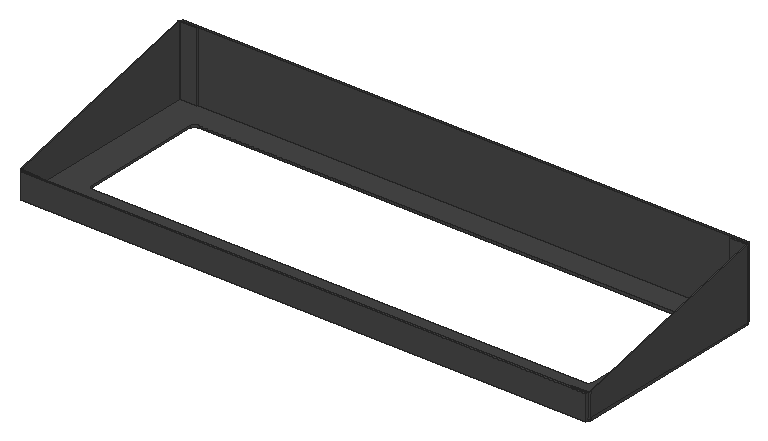
Revit family "NBS_DudleyIndustriesLimited_BthrmCbnts_ModuloSlimlineBehindTheMirrorHandHygieneSystemBaseShelf_92405BK", category Casework, Revit 2019
Family settings
  Work Plane-Based = No
  Always vertical = Yes
  Cut with Voids When Loaded = No
  Shared = No
  Room Calculation Point = No
Parameters
  WarrantyStartDate [instance] = "1900-12-31T23:59:59"
  WarrantyGuarantorParts = "n/a"
  WarrantyGuarantorLabor = "n/a"
  WarrantyDurationUnit = "year"
  WarrantyDurationParts = "n/a"
  WarrantyDurationLabor = "n/a"
  WarrantyDescription = "Ten year"
  Version = "1"  # constant formula
  Uniclass2015Version = "Products v1.22"
  Uniclass2015Title = "Bathroom cabinets"
  Uniclass2015Code = "Pr_40_30_87_03"
  TagNumber [instance] = "n/a"
  SustainabilityPerformance = "n/a"
  SizeNominal = "596 x 75 x 212 mm"
  Size = "596 x 75 x 212 mm"
  ShelvesMaterial = "n/a"
  ShelvesFinishAndColour = "n/a"
  ShelvesArrangement = "n/a"
  ShelfWidth = 596 mm
  ShelfMaterial = NBS_DudleyIndustriesLimited_StainlessSteel_MatteBlackPowderCoated
  ShelfHeight = 75 mm  # constant formula
  ShelfDepth = 212 mm  # constant formula
  Shape = "Rectangle"
  SerialNumber [instance] = "n/a"
  ReplacementCost = "n/a"
  RecycledContent = "n/a"
  Recyclability = "n/a"
  ProductInformation = "n/a"
  NominalWidth = 596 mm
  NominalLength = 0 mm
  NominalHeight = 75 mm
  Name = "BathroomCabinets_ModuloSlimlineBehindTheMirrorHandHygieneSystemBaseShelf_92405BK_DudleyIndustriesLimited"
  NBSCertification = "www.nationalbimlibrary.com/cert/wzwjwmn2"
  ModelReference = "92405BK Modulo Slimline Base Shelf"
  ModelNumber = "n/a"
  Material = "Stainless steel"
  ManufacturerURL = "www.dudleyindustries.com"
  ManufacturerName = "Dudley Industries Limited"  # constant formula
  Manufacturer = "sales@dudleyindustries.com"
  IntegralAccessories = "Hairdryers.,Paper towel dispenser.,Soap dispensers"
  InstallationDate [instance] = "1900-12-31T23:59:59"
  IfcExportType = "NOTDEFINED"  # constant formula
  IfcExportAs = "IfcFurnitureType"  # constant formula
  Grade = "n/a"
  Form = "Fixed to wall bracket"
  Finish = "Powder-coated"
  Features = "n/a"
  ExpectedLife = "n/a"
  EmbodiedCarbon = "n/a"
  DurationUnit = "year"
  DoorsMaterial = "n/a"
  DoorsHinges = "n/a"
  DoorsHandles = "n/a"
  DoorsFinishAndColour = "n/a"
  DoorsEdges = "n/a"
  DoorsArrangement = "n/a"
  Description = "Bathroom cabinet"
  CountryOfProductManufacture = "n/a"
  CountryOfMaterialOrigin = "n/a"
  ContainsRedListMaterials = "n/a"
  Constituents = "n/a"
  Color = "Black"
  CodePerformance = "n/a"
  Category = "Pr_40_30_87_03:Bathroom cabinets"
  CarcassMaterials = "Stainless steel"
  CarcassFinishAndColour = "Matte black powder coated"
  BlankingPlates = "Not required.,Required"
  BarCode [instance] = "n/a"
  BIMObjectName = "NBS_DudleyIndustriesLimited_BathroomCabinets_ModuloSlimlineBehindTheMirrorHandHygieneSystemBaseShelf_92405BK"
  Author = "NBS"  # constant formula
  AssetType = "Fixed"
  AssetIdentifier [instance] = "n/a"
  AccessibilityPerformance = "n/a"
Reference planes
  plane 1 "Center (Front/Back)": y = 0
  plane 2 "Bottom": z = 0
  plane 3 "Center (Left/Right)": x = 0
  plane 4 "Left": x = -298
  plane 5 "Right": x = 298
  plane 6 "Back": y = 106
  plane 7 "Front": y = -106
  plane 8 "Top": z = 75
  plane 9: z = 26
  plane 10: y = 103.8
  plane 11: y = -103.8
  plane 12: z = 2.2
  plane 13: x = 296.8
  plane 14: x = -296.8
  plane 15: y = 104.25
  plane 16: y = 103.05
  plane 17: y = -104.25
  plane 18: y = -103.05
  plane 19: x = 278.8
  plane 20: x = -278.8
  plane 21: z = 85
  plane 22: z = 95
  plane 23: x = 295.8
  plane 24: x = -295.8
  plane 25: y = 78.4
  plane 26: y = -59.6
  plane 27: x = -262
  plane 28: x = 262
Forms (mm)
  Extrusion 1, solid, material "NBS_DudleyIndustriesLimited_StainlessSteel_MatteBlackPowderCoated" <- "ShelfMaterial", detail levels medium+fine
    sketch origin (0, 0, 0) x (-1, 0, 0) y (0, -1, 0)
      loop
        line (278.8, -103.05) -> (278.8, -104.25) -> (295.835, -104.25)
        arc (295.835, -104.25) -> (297.366, -103.616) -> (298, -102.085) r 2.165
        line (298, -102.085) -> (298, 102.085)
        arc (298, 102.085) -> (297.366, 103.616) -> (295.835, 104.25) r 2.165
        line (295.835, 104.25) -> (278.8, 104.25) -> (278.8, 103.05) -> (295.799, 103.05)
        arc (295.799, 103.05) -> (296.507, 102.757) -> (296.8, 102.049) r 1.001
        line (296.8, 102.049) -> (296.8, -102.049)
        arc (296.8, -102.049) -> (296.507, -102.757) -> (295.799, -103.05) r 1.001
        line (295.799, -103.05) -> (278.8, -103.05)
    from 2.2 to 85
  Extrusion 2, solid, material "NBS_DudleyIndustriesLimited_StainlessSteel_MatteBlackPowderCoated" <- "ShelfMaterial", detail levels medium+fine
    sketch origin (0, 0, 0) x (1, 0, 0) y (0, 1, 0)
      loop
        line (278.8, 103.05) -> (295.799, 103.05)
        arc (295.799, 103.05) -> (296.507, 102.757) -> (296.8, 102.049) r 1.001
        line (296.8, 102.049) -> (296.8, -102.049)
        arc (296.8, -102.049) -> (296.507, -102.757) -> (295.799, -103.05) r 1.001
        line (295.799, -103.05) -> (278.8, -103.05) -> (278.8, -104.25) -> (295.835, -104.25)
        arc (295.835, -104.25) -> (297.366, -103.616) -> (298, -102.085) r 2.165
        line (298, -102.085) -> (298, 102.085)
        arc (298, 102.085) -> (297.366, 103.616) -> (295.835, 104.25) r 2.165
        line (295.835, 104.25) -> (278.8, 104.25) -> (278.8, 103.05)
    from 2.2 to 85
  Extrusion 3, void
    sketch origin (0, 0, 0) x (0, 1, 0) y (0, 0, 1)
      loop
        line (-104.25, 26) -> (104.25, 75) -> (104.25, 95) -> (-104.25, 95) -> (-104.25, 26)
    from -298 to 298
  Extrusion 4, solid, material "NBS_DudleyIndustriesLimited_StainlessSteel_MatteBlackPowderCoated" <- "ShelfMaterial", detail levels medium+fine
    sketch origin (0, 0, 0) x (1, 0, 0) y (0, 1, 0)
      loop
        line (-295.8, -104.25) -> (-295.8, -106) -> (295.8, -106) -> (295.8, -104.25) -> (-295.8, -104.25)
    from 0 to 26
  Extrusion 5, solid, material "NBS_DudleyIndustriesLimited_StainlessSteel_MatteBlackPowderCoated" <- "ShelfMaterial", detail levels medium+fine
    sketch origin (0, 0, 0) x (1, 0, 0) y (0, 1, 0)
      loop
        line (-295.8, 104.25) -> (295.8, 104.25) -> (295.8, 106) -> (-295.8, 106) -> (-295.8, 104.25)
    from 0 to 75
  Extrusion 6, solid, material "NBS_DudleyIndustriesLimited_StainlessSteel_MatteBlackPowderCoated" <- "ShelfMaterial", detail levels medium+fine
    sketch origin (0, 0, 0) x (1, 0, 0) y (0, 1, 0)
      loop
        arc (-295.835, 104.25) -> (-297.366, 103.616) -> (-298, 102.085) r 2.165
        line (-298, 102.085) -> (-298, -102.085)
        arc (-298, -102.085) -> (-297.366, -103.616) -> (-295.835, -104.25) r 2.165
        line (-295.835, -104.25) -> (295.835, -104.25)
        arc (295.835, -104.25) -> (297.366, -103.616) -> (298, -102.085) r 2.165
        line (298, -102.085) -> (298, 102.085)
        arc (298, 102.085) -> (297.366, 103.616) -> (295.835, 104.25) r 2.165
        line (295.835, 104.25) -> (-295.835, 104.25)
      loop
        arc (-257, 78.4) -> (-260.536, 76.936) -> (-262, 73.4) r 5
        line (-262, 73.4) -> (-262, -54.6)
        arc (-262, -54.6) -> (-260.536, -58.136) -> (-257, -59.6) r 5
        line (-257, -59.6) -> (257, -59.6)
        arc (257, -59.6) -> (260.536, -58.136) -> (262, -54.6) r 5
        line (262, -54.6) -> (262, 73.4)
        arc (262, 73.4) -> (260.536, 76.936) -> (257, 78.4) r 5
        line (257, 78.4) -> (-257, 78.4)
    from 0 to 2.2
  Extrusion 7, solid, material "NBS_DudleyIndustriesLimited_StainlessSteel_MatteBlackPowderCoated" <- "ShelfMaterial", detail levels coarse
    sketch origin (0, 0, 0) x (1, 0, 0) y (0, 1, 0)
      loop
        line (-298, 106) -> (-298, -106) -> (298, -106) -> (298, 106) -> (-298, 106)
    from 0 to 2.2
  Extrusion 8, solid, material "NBS_DudleyIndustriesLimited_StainlessSteel_MatteBlackPowderCoated" <- "ShelfMaterial", detail levels coarse
    sketch origin (0, 0, 0) x (1, 0, 0) y (0, 1, 0)
      loop
        line (-298, 106) -> (-298, -106) -> (298, -106) -> (298, 106) -> (-298, 106)
      loop
        line (-296.8, 104.25) -> (-296.8, -104.25) -> (296.8, -104.25) -> (296.8, 104.25) -> (-296.8, 104.25)
    from 2.2 to 85
  Extrusion 9, void
    sketch origin (0, 0, 0) x (0, 1, 0) y (0, 0, 1)
      loop
        line (-104.25, 26) -> (104.25, 75) -> (106, 75) -> (106, 95) -> (-106, 95) -> (-106, 26) -> (-104.25, 26)
    from -298 to 298
Cuts and joins
  Extrusion 3 cuts Extrusion 2
  Extrusion 3 cuts Extrusion 1
  Extrusion 9 cuts Extrusion 8
Dimensions and locks
  equal spacing: plane 4 "Left", plane 3 "Center (Left/Right)", plane 5 "Right"
  "ShelfWidth": plane 4 "Left" to plane 5 "Right"
  "ShelfDepth": plane 7 "Front" to plane 6 "Back"
  plane 4 "Left" to plane 14 to plane 24 to plane 20 to plane 27 = 1.2 mm locked, 1 mm locked, 17 mm locked, 16.8 mm locked
  plane 28 to plane 19 to plane 23 to plane 13 to plane 5 "Right" = 16.8 mm locked, 17 mm locked, 1 mm locked, 1.2 mm locked
  "ShelfHeight": plane 8 "Top" to plane 2 "Bottom"
  radius of Extrusion 1 sketch curve = 1.001 mm  (x2)
  radius of Extrusion 1 sketch curve = 2.165 mm  (x2)
  radius of Extrusion 2 sketch curve = 1.001 mm  (x2)
  radius of Extrusion 2 sketch curve = 2.165 mm  (x2)
  radius of Extrusion 6 sketch curve = 2.165 mm  (x4)
  radius of Extrusion 6 sketch curve = 5 mm  (x4)
  aligned and locked: level to plane 2 "Bottom"
  aligned and locked: Extrusion 1 sketch curve to plane 15
  aligned and locked: plane 16 to Extrusion 1 sketch curve
  aligned and locked: plane 18 to Extrusion 1 sketch curve
  aligned and locked: Extrusion 1 sketch curve to plane 17
  aligned and locked: plane 4 "Left" to Extrusion 1 sketch curve
  aligned and locked: Extrusion 1 sketch curve to plane 14
  aligned and locked: Extrusion 1 sketch curve to plane 20  (x2)
  aligned and locked: plane 21 to Extrusion 1
  aligned and locked: plane 15 to Extrusion 2 sketch curve
  aligned and locked: Extrusion 2 sketch curve to plane 16
  aligned and locked: Extrusion 2 sketch curve to plane 13
  aligned and locked: plane 5 "Right" to Extrusion 2 sketch curve
  aligned and locked: plane 19 to Extrusion 2 sketch curve  (x2)
  aligned and locked: Extrusion 2 sketch curve to plane 18
  aligned and locked: plane 17 to Extrusion 2 sketch curve
  aligned and locked: plane 21 to Extrusion 2
  aligned and locked: plane 22 to Extrusion 3
  aligned and locked: Extrusion 3 to plane 4 "Left"
  aligned and locked: plane 5 "Right" to Extrusion 3
  aligned and locked: plane 17 to Extrusion 4 sketch curve
  aligned and locked: plane 24 to Extrusion 4 sketch curve
  aligned and locked: plane 23 to Extrusion 4 sketch curve
  aligned and locked: Extrusion 4 to plane 2 "Bottom"
  aligned and locked: plane 9 to Extrusion 4
  aligned and locked: Extrusion 4 sketch curve to plane 7 "Front"
  aligned and locked: Extrusion 5 sketch curve to plane 6 "Back"
  aligned and locked: Extrusion 5 sketch curve to plane 15
  aligned and locked: Extrusion 5 sketch curve to plane 24
  aligned and locked: Extrusion 5 sketch curve to plane 23
  aligned and locked: Extrusion 5 to plane 2 "Bottom"
  aligned and locked: plane 8 "Top" to Extrusion 5
  aligned and locked: Extrusion 6 sketch curve to plane 28
  aligned and locked: plane 25 to Extrusion 6 sketch curve
  aligned and locked: plane 26 to Extrusion 6 sketch curve
  aligned and locked: Extrusion 6 sketch curve to plane 27
  aligned and locked: plane 4 "Left" to Extrusion 6 sketch curve
  aligned and locked: Extrusion 6 sketch curve to plane 17
  aligned and locked: Extrusion 6 sketch curve to plane 15
  aligned and locked: Extrusion 6 sketch curve to plane 5 "Right"
  aligned and locked: plane 12 to Extrusion 6
  aligned and locked: Extrusion 6 to plane 2 "Bottom"
  aligned and locked: cut or joined group of Extrusion 1, Extrusion 3 to plane 12
  aligned and locked: cut or joined group of Extrusion 2, Extrusion 3 to plane 12
  aligned and locked: Extrusion 7 sketch curve to plane 5 "Right"
  aligned and locked: Extrusion 7 sketch curve to plane 7 "Front"
  aligned and locked: plane 4 "Left" to Extrusion 7 sketch curve
  aligned and locked: plane 6 "Back" to Extrusion 7 sketch curve
  aligned and locked: plane 12 to Extrusion 7
  aligned and locked: Extrusion 7 to plane 2 "Bottom"
  aligned and locked: Extrusion 8 sketch curve to plane 5 "Right"
  aligned and locked: Extrusion 8 sketch curve to plane 7 "Front"
  aligned and locked: plane 4 "Left" to Extrusion 8 sketch curve
  aligned and locked: plane 6 "Back" to Extrusion 8 sketch curve
  aligned and locked: Extrusion 8 sketch curve to plane 17
  aligned and locked: Extrusion 8 sketch curve to plane 13
  aligned and locked: plane 14 to Extrusion 8 sketch curve
  aligned and locked: Extrusion 8 sketch curve to plane 15
  aligned and locked: Extrusion 8 to plane 12
  aligned and locked: plane 21 to Extrusion 8
  aligned and locked: Extrusion 9 sketch curve to plane 7 "Front"
  aligned and locked: plane 22 to Extrusion 9 sketch curve
  aligned and locked: Extrusion 9 sketch curve to plane 6 "Back"
  aligned and locked: Extrusion 9 sketch curve to plane 8 "Top"
  aligned and locked: plane 9 to Extrusion 9 sketch curve
  aligned and locked: Extrusion 9 to plane 4 "Left"
  aligned and locked: plane 5 "Right" to Extrusion 9
Automatic sketch dimensions
  Extrusion 3 sketch curve to plane 17 = 0 mm
  Extrusion 3 sketch curve to plane 15 = 0 mm
  Extrusion 3 sketch curve to plane 9 = 0 mm
  Extrusion 3 sketch curve to plane 8 "Top" = 0 mm
  Extrusion 3 sketch curve to plane 22 = 0 mm
  Extrusion 9 sketch curve to plane 17 = 0 mm
  Extrusion 9 sketch curve to plane 15 = 0 mm
